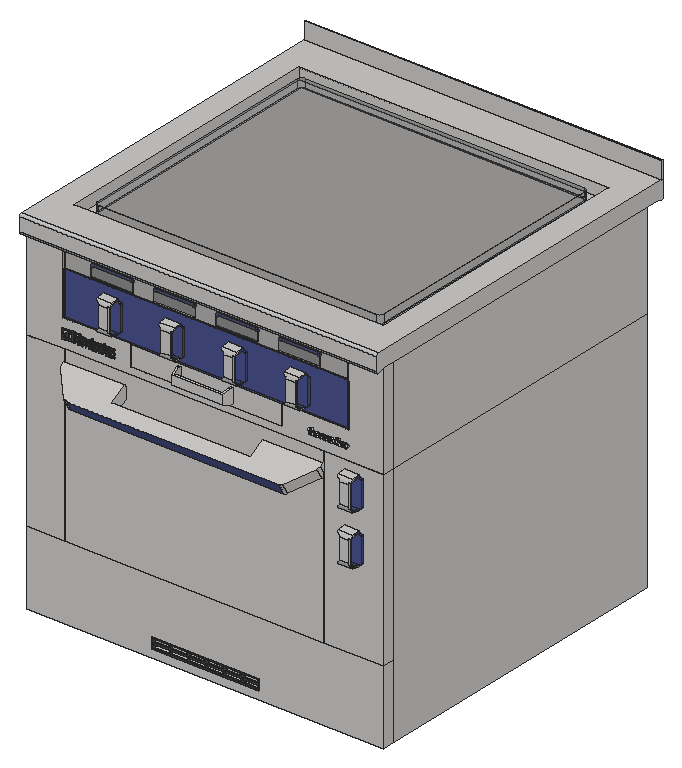
Revit family "QF_ELECTROLUXPROFESSIONAL_588421_MALMFBH8AO", category Attrezzature speciali, Revit 2020 (continued)
Definition of nested family "Front_Panel_W800_Four Knobs"
  Definition of nested family "ELX_Professional_Logo_Small"
    Forms (mm)
      Extrusion 2, solid, material <- "Material_Logo"
        sketch origin (15.5, 0, 0) x (1, 0, 0) y (0, 1, 0)
          loop
            spline (-26.936, -1.713) -> (-27.384, -1.691) -> (-27.805, -1.625) -> (-28.196, -1.518) -> (-28.556, -1.372) -> (-28.882, -1.187) -> (-29.174, -0.966) -> (-29.429, -0.71) -> (-29.645, -0.422) -> (-29.821, -0.102) -> (-29.955, 0.247) -> (-30.045, 0.623) -> (-30.089, 1.026)
            line (-30.089, 1.026) -> (-21.956, 1.026) -> (-21.915, 1.897)
          loop
            spline (-24.446, 2.769) -> (-24.47, 3.075) -> (-24.54, 3.37) -> (-24.654, 3.65) -> (-24.807, 3.913) -> (-24.996, 4.156) -> (-25.219, 4.376) -> (-25.472, 4.57) -> (-25.753, 4.736) -> (-26.057, 4.869) -> (-26.382, 4.968) -> (-26.724, 5.03) -> (-27.081, 5.051)
            spline (-27.081, 5.051) -> (-27.464, 5.03) -> (-27.832, 4.97) -> (-28.183, 4.872) -> (-28.513, 4.74) -> (-28.819, 4.577) -> (-29.099, 4.384) -> (-29.347, 4.165) -> (-29.563, 3.923) -> (-29.742, 3.659) -> (-29.881, 3.377) -> (-29.977, 3.079) -> (-30.027, 2.769)
            line (-30.027, 2.769) -> (-24.446, 2.769)
          loop
            spline (-18.167, 1.669) -> (-18.138, 2.13) -> (-18.055, 2.567) -> (-17.921, 2.978) -> (-17.739, 3.358) -> (-17.512, 3.705) -> (-17.243, 4.016) -> (-16.937, 4.287) -> (-16.596, 4.517) -> (-16.223, 4.7) -> (-15.823, 4.835) -> (-15.398, 4.919) -> (-14.951, 4.947)
            spline (-14.951, 4.947) -> (-14.677, 4.938) -> (-14.414, 4.913) -> (-14.162, 4.871) -> (-13.921, 4.812) -> (-13.69, 4.738) -> (-13.467, 4.649) -> (-13.254, 4.544) -> (-13.048, 4.424) -> (-12.85, 4.291) -> (-12.659, 4.143) -> (-12.474, 3.981) -> (-12.295, 3.806)
            line (-12.295, 3.806) -> (-10.76, 5.403)
            spline (-10.76, 5.403) -> (-11.065, 5.709) -> (-11.38, 5.984) -> (-11.703, 6.228) -> (-12.035, 6.443) -> (-12.375, 6.63) -> (-12.723, 6.788) -> (-13.078, 6.92) -> (-13.44, 7.026) -> (-13.809, 7.107) -> (-14.184, 7.164) -> (-14.564, 7.198) -> (-14.951, 7.209)
            spline (-14.951, 7.209) -> (-15.725, 7.161) -> (-16.467, 7.02) -> (-17.169, 6.792) -> (-17.826, 6.482) -> (-18.43, 6.096) -> (-18.976, 5.637) -> (-19.455, 5.112) -> (-19.862, 4.525) -> (-20.19, 3.882) -> (-20.433, 3.189) -> (-20.584, 2.449) -> (-20.635, 1.669)
            spline (-20.635, 1.669) -> (-20.584, 0.889) -> (-20.433, 0.149) -> (-20.19, -0.545) -> (-19.862, -1.187) -> (-19.455, -1.774) -> (-18.976, -2.299) -> (-18.43, -2.758) -> (-17.826, -3.145) -> (-17.169, -3.454) -> (-16.467, -3.682) -> (-15.725, -3.823) -> (-14.951, -3.871)
            spline (-14.951, -3.871) -> (-14.564, -3.86) -> (-14.184, -3.826) -> (-13.809, -3.77) -> (-13.44, -3.689) -> (-13.078, -3.583) -> (-12.723, -3.451) -> (-12.375, -3.292) -> (-12.035, -3.105) -> (-11.703, -2.89) -> (-11.38, -2.646) -> (-11.065, -2.371) -> (-10.76, -2.066)
            line (-10.76, -2.066) -> (-12.295, -0.468)
            spline (-12.295, -0.468) -> (-12.474, -0.643) -> (-12.659, -0.805) -> (-12.85, -0.953) -> (-13.048, -1.087) -> (-13.254, -1.206) -> (-13.467, -1.311) -> (-13.69, -1.4) -> (-13.921, -1.475) -> (-14.162, -1.533) -> (-14.414, -1.575) -> (-14.677, -1.6) -> (-14.951, -1.609)
            spline (-14.951, -1.609) -> (-15.398, -1.581) -> (-15.823, -1.497) -> (-16.223, -1.362) -> (-16.596, -1.179) -> (-16.937, -0.95) -> (-17.243, -0.678) -> (-17.512, -0.367) -> (-17.739, -0.02) -> (-17.921, 0.36) -> (-18.055, 0.771) -> (-18.138, 1.208) -> (-18.167, 1.669)
          loop
            spline (-4.441, -1.243) -> (-4.659, -1.247) -> (-4.894, -1.23) -> (-5.137, -1.19) -> (-5.384, -1.121) -> (-5.628, -1.021) -> (-5.864, -0.884) -> (-6.084, -0.708) -> (-6.283, -0.488) -> (-6.454, -0.219) -> (-6.592, 0.101) -> (-6.69, 0.478) -> (-6.742, 0.914)
            line (-6.742, 0.914) -> (-6.742, 4.587) -> (-4.487, 4.587) -> (-4.487, 6.838) -> (-6.738, 6.838) -> (-6.738, 10.824) -> (-9.217, 10.824) -> (-9.217, 0.773)
            spline (-9.217, 0.773) -> (-9.164, 0.19) -> (-9.068, -0.358) -> (-8.928, -0.87) -> (-8.742, -1.343) -> (-8.511, -1.777) -> (-8.232, -2.168) -> (-7.904, -2.515) -> (-7.527, -2.816) -> (-7.098, -3.069) -> (-6.618, -3.273) -> (-6.084, -3.426) -> (-5.496, -3.525)
            line (-5.496, -3.525) -> (-4.45, -3.573) -> (-4.441, -1.243)
          loop
            spline (3.898, 6.983) -> (3.469, 7.009) -> (3.056, 7.001) -> (2.661, 6.961) -> (2.283, 6.888) -> (1.925, 6.785) -> (1.588, 6.652) -> (1.272, 6.49) -> (0.979, 6.301) -> (0.71, 6.085) -> (0.465, 5.844) -> (0.247, 5.578) -> (0.056, 5.289)
            line (0.056, 5.289) -> (0.056, 6.838) -> (-2.402, 6.838) -> (-2.402, -3.572) -> (0.056, -3.572) -> (0.056, 1.901)
            spline (0.056, 1.901) -> (0.079, 2.316) -> (0.145, 2.703) -> (0.254, 3.06) -> (0.404, 3.386) -> (0.592, 3.679) -> (0.818, 3.938) -> (1.08, 4.162) -> (1.375, 4.348) -> (1.703, 4.495) -> (2.062, 4.602) -> (2.45, 4.668) -> (2.865, 4.69)
            line (2.865, 4.69) -> (3.898, 4.586) -> (3.898, 6.983)
          loop
            spline (15.638, 1.633) -> (15.586, 2.396) -> (15.435, 3.124) -> (15.192, 3.81) -> (14.863, 4.449) -> (14.455, 5.034) -> (13.975, 5.56) -> (13.43, 6.021) -> (12.826, 6.411) -> (12.17, 6.724) -> (11.469, 6.955) -> (10.729, 7.098) -> (9.958, 7.147)
            spline (9.958, 7.147) -> (9.182, 7.098) -> (8.44, 6.955) -> (7.737, 6.724) -> (7.081, 6.411) -> (6.477, 6.021) -> (5.933, 5.56) -> (5.454, 5.034) -> (5.048, 4.449) -> (4.721, 3.81) -> (4.479, 3.124) -> (4.329, 2.396) -> (4.277, 1.633)
            spline (4.277, 1.633) -> (4.329, 0.869) -> (4.479, 0.141) -> (4.721, -0.544) -> (5.048, -1.183) -> (5.454, -1.768) -> (5.933, -2.294) -> (6.477, -2.755) -> (7.081, -3.145) -> (7.737, -3.459) -> (8.44, -3.69) -> (9.182, -3.833) -> (9.958, -3.882)
            spline (9.958, -3.882) -> (10.729, -3.833) -> (11.469, -3.69) -> (12.17, -3.459) -> (12.826, -3.145) -> (13.43, -2.755) -> (13.975, -2.294) -> (14.455, -1.768) -> (14.863, -1.183) -> (15.192, -0.544) -> (15.435, 0.141) -> (15.586, 0.869) -> (15.638, 1.633)
          loop
            spline (13.18, 1.633) -> (13.151, 2.083) -> (13.067, 2.513) -> (12.932, 2.918) -> (12.748, 3.296) -> (12.52, 3.642) -> (12.251, 3.954) -> (11.943, 4.227) -> (11.601, 4.459) -> (11.228, 4.645) -> (10.828, 4.782) -> (10.403, 4.867) -> (9.958, 4.896)
            spline (9.958, 4.896) -> (9.509, 4.867) -> (9.081, 4.782) -> (8.679, 4.645) -> (8.306, 4.459) -> (7.964, 4.227) -> (7.658, 3.954) -> (7.39, 3.642) -> (7.163, 3.296) -> (6.981, 2.918) -> (6.847, 2.513) -> (6.765, 2.083) -> (6.736, 1.633)
            spline (6.736, 1.633) -> (6.765, 1.182) -> (6.847, 0.753) -> (6.981, 0.347) -> (7.163, -0.031) -> (7.39, -0.377) -> (7.658, -0.689) -> (7.964, -0.962) -> (8.306, -1.193) -> (8.679, -1.38) -> (9.081, -1.517) -> (9.509, -1.602) -> (9.958, -1.631)
            spline (9.958, -1.631) -> (10.403, -1.602) -> (10.828, -1.517) -> (11.228, -1.38) -> (11.601, -1.193) -> (11.943, -0.962) -> (12.251, -0.689) -> (12.52, -0.377) -> (12.748, -0.031) -> (12.932, 0.347) -> (13.067, 0.753) -> (13.151, 1.182) -> (13.18, 1.633)
          loop
            line (17.162, 4.269) -> (17.162, -3.573) -> (19.642, -3.573) -> (19.642, 10.824) -> (17.162, 10.824) -> (17.162, 4.269)
          loop
            line (28.581, 6.838) -> (28.581, 0.786)
            spline (28.581, 0.786) -> (28.561, 0.393) -> (28.503, 0.038) -> (28.409, -0.279) -> (28.281, -0.559) -> (28.122, -0.802) -> (27.933, -1.011) -> (27.717, -1.185) -> (27.476, -1.325) -> (27.213, -1.433) -> (26.929, -1.509) -> (26.626, -1.554) -> (26.308, -1.569)
            spline (26.308, -1.569) -> (25.99, -1.554) -> (25.688, -1.509) -> (25.404, -1.434) -> (25.141, -1.326) -> (24.9, -1.187) -> (24.684, -1.014) -> (24.496, -0.807) -> (24.336, -0.565) -> (24.209, -0.288) -> (24.115, 0.026) -> (24.057, 0.376) -> (24.037, 0.765)
            line (24.037, 0.765) -> (24.037, 6.838) -> (21.537, 6.838) -> (21.537, 0.558)
            spline (21.537, 0.558) -> (21.581, -0.153) -> (21.71, -0.8) -> (21.916, -1.384) -> (22.195, -1.904) -> (22.54, -2.362) -> (22.944, -2.757) -> (23.403, -3.09) -> (23.909, -3.362) -> (24.456, -3.572) -> (25.04, -3.722) -> (25.652, -3.811) -> (26.288, -3.841)
            spline (26.288, -3.841) -> (26.929, -3.811) -> (27.547, -3.72) -> (28.135, -3.568) -> (28.687, -3.355) -> (29.197, -3.079) -> (29.66, -2.741) -> (30.068, -2.341) -> (30.415, -1.877) -> (30.696, -1.349) -> (30.905, -0.757) -> (31.034, -0.101) -> (31.079, 0.621)
            line (31.079, 0.621) -> (31.079, 6.838) -> (28.581, 6.838)
          loop
            line (40.457, -0.243) -> (38.894, 1.942) -> (40.83, 4.579) -> (42.488, 6.837) -> (39.782, 6.837) -> (37.53, 3.719) -> (35.258, 6.837) -> (32.573, 6.837) -> (34.113, 4.731) -> (36.167, 1.922) -> (34.014, -1.076) -> (32.222, -3.573) -> (34.887, -3.573) -> (37.53, 0.104) -> (40.174, -3.573) -> (42.839, -3.573) -> (40.457, -0.243)
          loop
            line (-46.121, -5.837) -> (-48.039, -5.837) -> (-48.039, -10.814) -> (-47.016, -10.814) -> (-47.016, -9.128) -> (-46.121, -9.128)
            arc (-46.121, -9.128) -> (-44.476, -7.482) -> (-46.121, -5.837) r 1.645
          loop
            line (-46.163, -6.778) -> (-47.016, -6.778) -> (-47.016, -8.187) -> (-46.163, -8.187)
            arc (-46.163, -8.187) -> (-45.458, -7.482) -> (-46.163, -6.778) r 0.704
          loop
            line (-38.313, -5.837) -> (-40.265, -5.837) -> (-40.265, -10.814) -> (-39.241, -10.814) -> (-39.241, -9.1) -> (-38.46, -9.182) -> (-37.48, -10.814) -> (-36.318, -10.814) -> (-37.513, -8.848)
            arc (-37.513, -8.848) -> (-36.888, -8.266) -> (-36.671, -7.441) r 1.536
            arc (-36.671, -7.441) -> (-37.165, -6.305) -> (-38.313, -5.837) r 1.643
          loop
            arc (-38.402, -8.166) -> (-37.707, -7.505) -> (-38.334, -6.778) r 0.696
            line (-38.334, -6.778) -> (-39.241, -6.778) -> (-39.241, -8.166) -> (-38.402, -8.166)
          loop
            circle (-29.965, -8.325) r 2.585
          loop
            circle (-29.965, -8.325) r 1.64
          loop
            line (-23.1, -5.837) -> (-23.1, -10.814) -> (-22.076, -10.814) -> (-22.076, -8.768) -> (-20.204, -8.768) -> (-20.204, -7.828) -> (-22.076, -7.828) -> (-22.076, -6.778) -> (-20.024, -6.778) -> (-20.024, -5.837) -> (-23.1, -5.837)
          loop
            line (-15.802, -5.837) -> (-15.802, -9.2)
            arc (-15.802, -9.2) -> (-15.343, -10.34) -> (-14.209, -10.814) r 1.593
            line (-14.209, -10.814) -> (-12.602, -10.814) -> (-12.602, -10.027) -> (-14.004, -10.027)
            arc (-14.004, -10.027) -> (-14.552, -9.8) -> (-14.779, -9.252) r 0.775
            line (-14.779, -9.252) -> (-14.779, -8.424) -> (-12.789, -8.424) -> (-12.789, -7.642) -> (-14.779, -7.642) -> (-14.779, -6.778) -> (-12.651, -6.778) -> (-12.651, -5.837) -> (-15.802, -5.837)
          loop
            line (-5.909, -7.143) -> (-5.173, -6.638)
            arc (-5.173, -6.638) -> (-5.855, -5.974) -> (-6.781, -5.755) r 1.782
            arc (-6.781, -5.755) -> (-7.397, -5.878) -> (-7.944, -6.189) r 1.974
            arc (-7.944, -6.189) -> (-8.202, -6.5) -> (-8.317, -6.888) r 1.013
            arc (-8.317, -6.888) -> (-8.306, -7.341) -> (-8.192, -7.78) r 1.985
            arc (-8.192, -7.78) -> (-7.749, -8.259) -> (-7.171, -8.563) r 1.928
            arc (-7.171, -8.563) -> (-6.637, -8.779) -> (-6.131, -9.056) r 5.041
            arc (-6.131, -9.056) -> (-5.934, -9.387) -> (-6.09, -9.74) r 0.42
            arc (-6.09, -9.74) -> (-6.631, -9.96) -> (-7.204, -9.845) r 1.016
            arc (-7.204, -9.845) -> (-7.625, -9.603) -> (-7.889, -9.196) r 1.033
            line (-7.889, -9.196) -> (-8.67, -9.686)
            arc (-8.67, -9.686) -> (-8.361, -10.198) -> (-7.908, -10.589) r 1.914
            arc (-7.908, -10.589) -> (-7.334, -10.834) -> (-6.714, -10.896) r 2.063
            arc (-6.714, -10.896) -> (-5.947, -10.743) -> (-5.256, -10.376) r 2.696
            arc (-5.256, -10.376) -> (-4.95, -9.565) -> (-5.108, -8.712) r 1.618
            arc (-5.108, -8.712) -> (-5.448, -8.319) -> (-5.884, -8.035) r 1.876
            arc (-5.884, -8.035) -> (-6.434, -7.789) -> (-6.999, -7.577) r 9.883
            arc (-6.999, -7.577) -> (-7.325, -7.07) -> (-6.854, -6.694) r 0.45
            arc (-6.854, -6.694) -> (-6.329, -6.809) -> (-5.909, -7.143) r 1.197
          loop
            line (1.61, -7.143) -> (2.345, -6.638)
            arc (2.345, -6.638) -> (1.663, -5.974) -> (0.737, -5.755) r 1.782
            arc (0.737, -5.755) -> (0.121, -5.878) -> (-0.425, -6.189) r 1.974
            arc (-0.425, -6.189) -> (-0.683, -6.5) -> (-0.799, -6.888) r 1.013
            arc (-0.799, -6.888) -> (-0.788, -7.341) -> (-0.674, -7.78) r 1.985
            arc (-0.674, -7.78) -> (-0.231, -8.259) -> (0.347, -8.563) r 1.928
            arc (0.347, -8.563) -> (0.881, -8.779) -> (1.387, -9.056) r 5.041
            arc (1.387, -9.056) -> (1.584, -9.387) -> (1.428, -9.74) r 0.42
            arc (1.428, -9.74) -> (0.887, -9.96) -> (0.314, -9.845) r 1.016
            arc (0.314, -9.845) -> (-0.107, -9.603) -> (-0.371, -9.196) r 1.033
            line (-0.371, -9.196) -> (-1.152, -9.686)
            arc (-1.152, -9.686) -> (-0.842, -10.198) -> (-0.39, -10.589) r 1.914
            arc (-0.39, -10.589) -> (0.184, -10.834) -> (0.804, -10.896) r 2.063
            arc (0.804, -10.896) -> (1.572, -10.743) -> (2.263, -10.376) r 2.696
            arc (2.263, -10.376) -> (2.568, -9.565) -> (2.411, -8.712) r 1.618
            arc (2.411, -8.712) -> (2.07, -8.319) -> (1.635, -8.035) r 1.876
            arc (1.635, -8.035) -> (1.084, -7.789) -> (0.519, -7.577) r 9.883
            arc (0.519, -7.577) -> (0.193, -7.07) -> (0.665, -6.694) r 0.45
            arc (0.665, -6.694) -> (1.189, -6.809) -> (1.61, -7.143) r 1.197
          loop
            line (6.801, -5.837) -> (6.801, -10.814) -> (7.825, -10.814) -> (7.825, -5.837) -> (6.801, -5.837)
          loop
            circle (14.724, -8.325) r 1.548
          loop
            circle (14.724, -8.325) r 2.585
          loop
            line (21.59, -10.814) -> (22.623, -10.814) -> (22.623, -7.685) -> (24.9, -10.814) -> (25.895, -10.814) -> (25.895, -5.837) -> (24.861, -5.837) -> (24.861, -9.061) -> (22.585, -5.837) -> (21.59, -5.837) -> (21.59, -10.814)
          loop
            line (31.054, -10.814) -> (31.539, -9.74) -> (33.38, -9.74) -> (33.865, -10.814) -> (34.965, -10.814) -> (32.46, -5.837) -> (29.956, -10.814) -> (31.054, -10.814)
          loop
            line (32.46, -7.698) -> (31.999, -8.719) -> (32.921, -8.719) -> (32.46, -7.698)
          loop
            line (40.047, -9.873) -> (40.047, -5.837) -> (39.024, -5.837) -> (39.024, -10.814) -> (41.961, -10.814) -> (41.961, -9.873) -> (40.047, -9.873)
          loop
            line (-74.986, -10.814) -> (-53.322, -10.814) -> (-53.322, 10.82) -> (-74.986, 10.82) -> (-74.986, -10.814)
          loop
            line (-61.261, 9.758) -> (-61.261, -9.707)
            arc (-61.261, -9.707) -> (-54.066, 0.025) -> (-61.261, 9.758) r 10.18
          loop
            line (-62.251, 8.349) -> (-62.251, 9.758)
            arc (-62.251, 9.758) -> (-70.347, 7.918) -> (-74.247, 0.59) r 9.976
            line (-74.247, 0.59) -> (-71.026, 0.59)
            arc (-71.026, 0.59) -> (-65.274, 2.925) -> (-62.251, 8.349) r 9.351
          loop
            arc (-74.247, -0.539) -> (-70.353, -7.928) -> (-62.251, -9.957) r 10.237
            line (-62.251, -9.957) -> (-62.251, -8.298)
            arc (-62.251, -8.298) -> (-65.274, -2.874) -> (-71.026, -0.539) r 9.351
            line (-71.026, -0.539) -> (-74.247, -0.539)
        from 0 to 1.644
    Dimensions and locks
      aligned and locked: plane 2 to Extrusion 1
      aligned and locked: level to Extrusion 1
